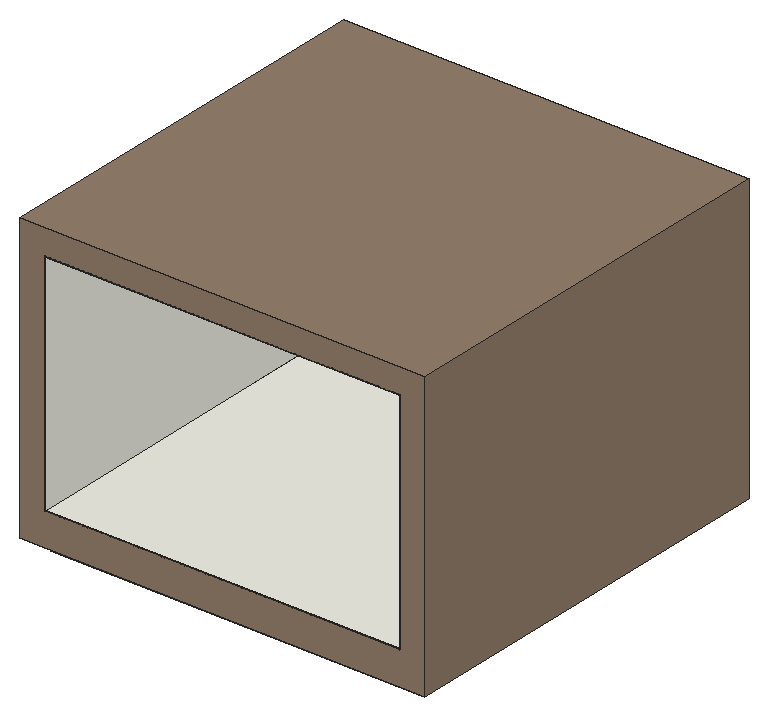
Revit family
Parameters (values of type "18" Height")
  Width = 2' - 0"
  URL = "http://elanbydecca.com/"
  Veneer Interior [instance] = Furniture - DECCA (Elan) - Rottet - Veneer Interior
  Veneer Exterior [instance] = Furniture - DECCA (Elan) - Rottet - Veneer Exterior
  Base [instance] = Furniture - DECCA (Elan) - Rottet - Base
  Product URL = "http://elanbydecca.com/PDFs/elan_tearsheet-rottet.pdf"
  Model = "LR ST131"
  Manufacturer = "Decca Contract"
  Height = 1' - 6"
  Description = "Elan Rottet Coffe Table, Open"
  Depth = 2' - 0"
  Assembly Description = "Furniture & Accessories"
  Assembly Code = "E2020200"
Types (3): name | Model | Height
  (no name) | "LR ST131" | 1' - 6"
  18" Height | "LR ST131" | 1' - 6"
  22" Height | "LR ST226" | 1' - 10"
Reference planes (in)
  plane 1 "Center Front/Back": y = -0.7524
  plane 2: z = 0
  plane 3 "Center Left/Right": x = 0
  plane 4 "L": x = -12
  plane 5 "R": x = 12
  plane 6 "F": y = -12.7524
  plane 7: y = 11.2476
  plane 8: through (-6.25338, 2.33237, 23.38953) normal (0.4297, -0.4297, 0.7941)
  plane 9: z = 18
  plane 10: z = 1
  plane 11: z = 0.25
  plane 12: y = -11.7524
  plane 13: y = 10.2476
  plane 14: x = -11
  plane 15: x = -8
  plane 16: y = -8.7524
  plane 17: y = 7.2476
  plane 18: x = 11
  plane 19: x = 8
  plane 20: x = -10.5
  plane 21: x = -10.53125
  plane 22: x = 10.5
  plane 23: x = 10.53125
  plane 24: z = 3
  plane 25: z = 16.5
  plane 26: z = 16.53125
  plane 27: z = 2.96875
Forms (in)
  Extrusion 1, solid, material "Furniture - DECCA (Elan) - Rottet - Base" <- "Base"
    sketch origin (0, 0, 15.25) x (-1, 0, 0) y (0, -1, 0)
      loop
        line (8, -7.2476) -> (8, 8.7524) -> (-8, 8.7524) -> (-8, -7.2476) -> (8, -7.2476)
      loop
        line (11, -10.2476) -> (11, 11.7524) -> (-11, 11.7524) -> (-11, -10.2476) -> (11, -10.2476)
    from -15 to -14.25
  Extrusion 2, solid, material "Furniture - DECCA (Elan) - Rottet - Base" <- "Base"
    sketch origin (0, 0, 15.25) x (-1, 0, 0) y (0, -1, 0)
      loop
        circle (9.84662, 10.57162) r 0.59375
      loop
        circle (-9.84662, 10.57162) r 0.59375
      loop
        circle (9.84662, -9.06682) r 0.59375
      loop
        circle (-9.84662, -9.06682) r 0.59375
    from -15.25 to -15
  Extrusion 3, solid, material "Furniture - DECCA (Elan) - Rottet - Veneer Exterior" <- "Veneer Exterior"
    sketch origin (0, -0.7524, 0) x (1, 0, 0) y (0, 0, 1)
      loop
        line (-12, 18) -> (-12, 1) -> (12, 1) -> (12, 18) -> (-12, 18)
      loop
        line (10.53125, 16.53125) -> (-10.53125, 16.53125) -> (-10.53125, 2.96875) -> (10.53125, 2.96875) -> (10.53125, 16.53125)
    from -12 to 12
  Extrusion 4, solid, material "Furniture - DECCA (Elan) - Rottet - Veneer Interior" <- "Veneer Interior"
    sketch origin (0, -0.7524, 0) x (1, 0, 0) y (0, 0, 1)
      loop
        line (-10.53125, 16.53125) -> (-10.53125, 2.96875) -> (10.53125, 2.96875) -> (10.53125, 16.53125) -> (-10.53125, 16.53125)
      loop
        line (-10.5, 16.5) -> (-10.5, 3) -> (10.5, 3) -> (10.5, 16.5) -> (-10.5, 16.5)
    from -12 to 12
Cuts and joins
  joined: Extrusion 1, Extrusion 2
Dimensions and locks (in)
  equal spacing: plane 4 "L", plane 3 "Center Left/Right", plane 5 "R"
  equal spacing: plane 7, plane 1 "Center Front/Back", plane 6 "F"
  "Width": plane 4 "L" to plane 5 "R"
  "Depth": plane 7 to plane 6 "F"
  "Height": plane 9 to level
  locked: plane 13 to plane 7 at 1
  locked: plane 12 to plane 6 "F" at 1
  plane 4 "L" to plane 14 to plane 15 = 0' - 1" locked, 0' - 3" locked
  locked: plane 17 to plane 13 at 3
  locked: plane 16 to plane 12 at 3
  locked: plane 18 to plane 19 at 3
  locked: plane 18 to plane 5 "R" at 1
  plane 4 "L" to plane 21 to plane 20 = 0' - 1 15/32" locked, 0' - 0 1/32" locked
  locked: plane 23 to plane 22 at 0.03125
  locked: plane 23 to plane 5 "R" at 1.46875
  plane 10 to plane 11 to level = 0' - 0 3/4" locked, 0' - 0 1/4" locked
  locked: plane 24 to plane 10 at 2
  plane 9 to plane 26 to plane 25 = 0' - 1 15/32" locked, 0' - 0 1/32" locked
  locked: plane 24 to plane 27 at 0.03125
  locked: plane 14 to Extrusion 2 sketch curve at 1.15338  (x2)
  locked: Extrusion 2 sketch curve to plane 13 at 1.18078  (x2)
  locked: Extrusion 2 sketch curve to plane 18 at 1.15338  (x2)
  locked: Extrusion 2 sketch curve to plane 12 at 1.18078  (x2)
  aligned and locked: plane 17 to Extrusion 1 sketch curve
  aligned and locked: plane 13 to Extrusion 1 sketch curve
  aligned and locked: Extrusion 1 sketch curve to plane 14
  aligned and locked: plane 18 to Extrusion 1 sketch curve
  aligned and locked: Extrusion 1 sketch curve to plane 12
  aligned and locked: Extrusion 1 sketch curve to plane 16
  aligned and locked: Extrusion 1 sketch curve to plane 15
  aligned and locked: plane 19 to Extrusion 1 sketch curve
  aligned and locked: Extrusion 1 to plane 11
  aligned and locked: plane 10 to Extrusion 1
  aligned and locked: Extrusion 2 to level
  aligned and locked: plane 11 to Extrusion 2
  aligned and locked: Extrusion 3 sketch curve to plane 4 "L"
  aligned and locked: Extrusion 3 sketch curve to plane 10
  aligned and locked: Extrusion 3 sketch curve to plane 9
  aligned and locked: plane 5 "R" to Extrusion 3 sketch curve
  aligned and locked: plane 23 to Extrusion 3 sketch curve
  aligned and locked: Extrusion 3 sketch curve to plane 27
  aligned and locked: Extrusion 3 sketch curve to plane 21
  aligned and locked: Extrusion 3 sketch curve to plane 26
  aligned and locked: plane 7 to Extrusion 3
  aligned and locked: Extrusion 3 to plane 6 "F"
  aligned and locked: Extrusion 4 sketch curve to plane 21
  aligned and locked: Extrusion 4 sketch curve to plane 20
  aligned and locked: Extrusion 4 sketch curve to plane 26
  aligned and locked: Extrusion 4 sketch curve to plane 25
  aligned and locked: plane 23 to Extrusion 4 sketch curve
  aligned and locked: plane 22 to Extrusion 4 sketch curve
  aligned and locked: Extrusion 4 sketch curve to plane 24
  aligned and locked: Extrusion 4 sketch curve to plane 27
  aligned and locked: plane 7 to Extrusion 4
  aligned and locked: Extrusion 4 to plane 6 "F"
Automatic sketch dimensions
  radius of Extrusion 2 sketch curve = 0' - 0 19/32"  (x4)
